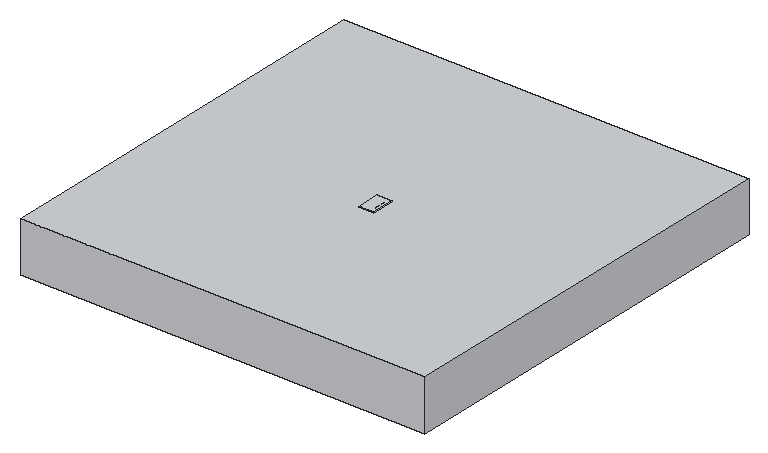
Revit family "M_Sensor de presença de parede - Relé duplo", category Dispositivos de iluminação, Revit 2019
Family settings
  Hospedeiro = Face
  Manter orientação da anotação = Sim
  Cota do conector redondo = Utilizar diâmetro
  Tipo de parte = Interruptor
  Número OmniClass = 23.85.80.11.27
  Título OmniClass = Lighting Controls
  ID de item do Seek = Wall Occupancy Sensor - Dual Relay-0000-CAN-ENU
  Corte com vazios quando carregada = Não
  Compartilhado = Não
  Ponto de cálculo do ambiente = Não
Parameters (values of type "Ultra sônico - 277 V")
  Largura 1 = 2 * Largura do sensor  # 90 mm
  Voltagem do sensor = 277 V
  Número de pólos do sensor = 1
  Material do sensor = none
  Classificação de carga = Outros
  Comprimento 1 = 2 * Comprimento do sensor  # 138 mm
  Altura 1 = 1 / 16 * Altura do sensor  # 2.875 mm
  Elevação-padrão = 1200 mm
  Largura do sensor = 45 mm
  Material do recobrimento = none
  Comprimento do sensor = 69 mm
  Altura do sensor = 46 mm
  Carga aparente = 0 VA
Types (7, lengths in mm): name | Voltagem do sensor
  (no name) | 277 V
  Infravermelho passivo - 120 V | 120 V
  Ultra sônico - 120 V | 120 V
  Tecnologia dual - 120 V | 120 V
  Infravermelho passivo - 277 V | 277 V
  Ultra sônico - 277 V | 277 V
  Tecnologia dual - 277 V | 277 V
Reference planes
  plane 1 "Centro (Frente/Trás)": y = 0
  plane 2: z = 0
  plane 3 "Centro (Esquerda/Direita)": x = 0
  plane 4: x = -22.5
  plane 5: x = 22.5
  plane 6: x = -45
  plane 7: x = 45
  plane 8: z = -46
  plane 9: z = 2.875
  plane 10: y = -69
  plane 11: y = -34.5
  plane 12: y = -138
  plane 13: y = -103.5
Forms (mm)
  Extrusion 1, solid
    sketch origin (0, 0, 0) x (1, 0, 0) y (0, 1, 0)
      loop
        line (-1219.2, 1219.2) -> (-1219.2, -1219.2) -> (1219.2, -1219.2) -> (1219.2, 1219.2) -> (-1219.2, 1219.2)
    from 0 to -304.8
  Extrusion 2, solid, material <- "Material do sensor"
    sketch origin (0, 0, 0) x (1, 0, 0) y (0, 1, 0)
      loop
        line (-22.5, -34.5) -> (-22.5, -103.5) -> (22.5, -103.5) -> (22.5, -34.5) -> (-22.5, -34.5)
    from -46 to 0
  Extrusion 3, solid, material <- "Material do recobrimento"
    sketch origin (0, 0, 0) x (1, 0, 0) y (0, 1, 0)
      loop
        line (-45, 0) -> (-45, -138) -> (45, -138) -> (45, 0) -> (-45, 0)
    from 0 to 2.875
Lines and regions (mm)
  symbolic lines, detail levels fine
    curve 1: line (-45, 0, 2.875) -> (45, 0, 2.875)
    curve 2: line (45, 0, 2.875) -> (45, 0, 0)
    curve 3: line (45, 0, 0) -> (-45, 0, 0)
    curve 4: line (-45, 0, 0) -> (-45, 0, 2.875)
    curve 5: line (-22.5, 0, 0) -> (-22.5, 0, -46)
    curve 6: line (-22.5, 0, -46) -> (22.5, 0, -46)
    curve 7: line (22.5, 0, -46) -> (22.5, 0, 0)
Dimensions and locks
  "Largura do sensor": plane 4 to plane 5
  equal spacing: plane 4, plane 3 "Centro (Esquerda/Direita)", plane 5
  equal spacing: plane 6, plane 3 "Centro (Esquerda/Direita)", plane 7
  "Largura 1": plane 6 to plane 7
  "Altura do sensor": plane 2 to plane 8
  "Altura 1": plane 9 to plane 2
  "Comprimento 1": plane 12 to plane 1 "Centro (Frente/Trás)"
  equal spacing: plane 12, plane 10, plane 1 "Centro (Frente/Trás)"
  equal spacing: plane 11, plane 10, plane 13
  "Comprimento do sensor": plane 11 to plane 13
  aligned and locked: plane 2 to Extrusion 1
  aligned and locked: level to Extrusion 1
  aligned and locked: plane 4 to Extrusion 2 sketch curve  (x2)
  aligned and locked: plane 5 to Extrusion 2 sketch curve
  aligned and locked: plane 6 to Extrusion 3 sketch curve  (x2)
  aligned and locked: plane 7 to Extrusion 3 sketch curve
  aligned and locked: plane 8 to Extrusion 2
  aligned and locked: plane 2 to Extrusion 2
  aligned and locked: Extrusion 3 to plane 2
  aligned and locked: Extrusion 3 to plane 9
  aligned and locked: plane 9 to curve 1
  aligned and locked: plane 2 to curve 3
  aligned and locked: plane 7 to curve 3
  aligned and locked: plane 6 to curve 4
  aligned and locked: curve 5 to plane 4
  aligned and locked: curve 7 to plane 5
  aligned and locked: plane 8 to curve 6
  aligned and locked: Extrusion 3 to plane 1 "Centro (Frente/Trás)"
  aligned and locked: Extrusion 3 to plane 12
  aligned and locked: Extrusion 3 to plane 7
  aligned and locked: Extrusion 3 to plane 6
  aligned and locked: plane 1 "Centro (Frente/Trás)" to Extrusion 3 sketch curve
  aligned and locked: plane 12 to Extrusion 3 sketch curve
  aligned and locked: Extrusion 2 sketch curve to plane 11
  aligned and locked: Extrusion 2 sketch curve to plane 13
  aligned and locked: nested 1 to plane 10
  aligned and locked: plane 3 "Centro (Esquerda/Direita)" to nested 1
Automatic sketch dimensions
  Extrusion 1 sketch curve to Extrusion 1 sketch curve = 2438.4 mm  (x2)
Nested families
  nested 1: "M_Anotação do sensor de presença da parede" at (0, -69, 0), type "Anotação do sensor de presença de parede", detail levels coarse+medium
Connectors
  electrical at (0, -69, 0), driven by "Carga aparente", driven by "Voltagem do sensor", driven by "Número de pólos do sensor", driven by "Classificação de carga"
    settings: on Extrusion 2, index 1, voltage 277 V, apparent load 0 VA, apparent load phase1 0 VA, apparent load phase2 0 VA, apparent load phase3 0 VA, power factor 1, load classification "Outros", number of poles 1, system type 31, power factor state 1, is connector primary yes, connector utility no, sub classification motor no, connector description ""
  electrical at (0, -69, -46)
    settings: on Extrusion 2, index 2, voltage 0 V, apparent load 0 VA, apparent load phase1 0 VA, apparent load phase2 0 VA, apparent load phase3 0 VA, power factor 1, load classification "Outros", number of poles 1, system type 13, power factor state 1, is connector primary no, connector utility no, sub classification motor no, connector description ""
Definition of nested family "M_Anotação do sensor de presença da parede"
  Parameters
    Legenda = "OS"
  Reference planes
    plane 1: y = 0
    plane 2: x = 0
  Lines and regions (mm)
    detail lines
      curve 1: line (0, 3.175, 0) -> (0, 0, 0)
      curve 3: arc (0.383, 2.833, 0) -> (-0.62, 2.459, 0) -> (0, 1.587, 0) r 0.674
      curve 4: arc (0, 1.587, 0) -> (0.392, 0.545, 0) -> (-0.718, 0.631, 0) r 0.66
    reference lines
      curve 2: line (0, 1.587, 0) -> (-3.044, 1.588, 0)
      curve 5: line (2.564, -1.199, 0) -> (2.564, 2.384, 0)
      curve 6: line (2.564, -1.199, 0) -> (7.201, -1.199, 0)
      curve 7: line (2.564, 1.163, 0) -> (7.878, 1.163, 0)
  Text (mm)
    label "2" at (1.592, -0.127, 0), shows "Legenda"
  Dimensions and locks
    locked: curve 6 to curve 7 at 2.362
    locked: curve 1 to curve 5 at 2.564
    locked: curve 1 to curve 1 at 3.175
    locked: plane 1 to curve 2 at 1.588
    aligned and locked: curve 1 to curve 2
    aligned and locked: curve 3 to curve 2
    aligned and locked: curve 4 to curve 2
    aligned and locked: plane 1 to curve 1
    aligned and locked: curve 1 to plane 2
    aligned and locked: plane 2 to curve 1
